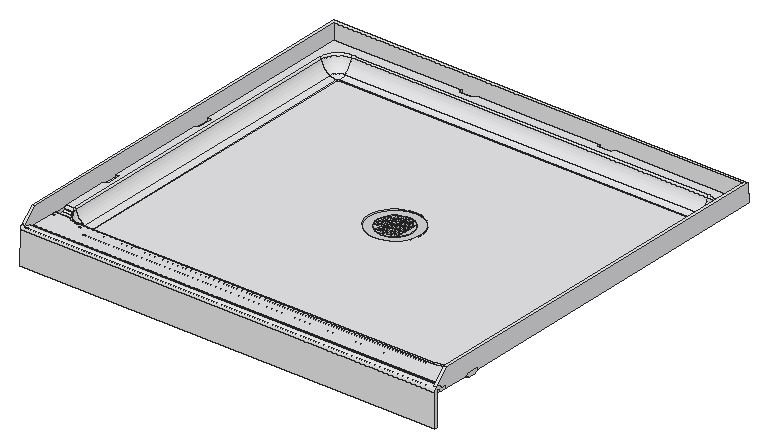
Revit family "Shower-Base-STERLING-GUARD-72301100_1", category Plumbing Fixtures, host Face, Revit 2017
Family settings
  Host = Face
  Round Connector Dimension = Use Diameter
  Part Type = Normal
  OmniClass Number = 23.31.17.15
  OmniClass Title = Shower Enclosure Bases
  Cut with Voids When Loaded = No
  Shared = No
  Room Calculation Point = No
Parameters (values of type "0-White")
  Width = 34"  # constant formula
  WaterSense Certified = 1 = 0  # no
  Waste Water Outlet = "Waste Water Outlet"  # constant formula
  Waste Connection = 1 = 1  # yes
  Vent Connection = 1 = 0  # no
  URL = "https://www.sterlingplumbing.com/"
  Type = 1
  Product Page URL = "http://www.sterlingplumbing.com/detail?productNumber=72301100"
  Product Name = "GUARD "  # constant formula
  Product Documentation Link = "https://resources.kohler.com/plumbing/sterling/pdf/72301100_spec.pdf"
  Pressure = 0.00 psi
  Model = if(Type = 1, "72301100-0", if(Type = 2, "72301100-96", "NA"))  # "72301100-0"
  Material = "Vikrell"  # constant formula
  Master Format 2014 Name = "Residential Showers"  # constant formula
  Master Format 2014 = "22 41 23"  # constant formula
  Manufacturer Address = "444 Highland Dr, Kohler, WI 53044"  # constant formula
  Manufacturer = "STERLING Co."  # constant formula
  Length = 36"  # constant formula
  Hot Water Inlet = "Hot Water Inlet"  # constant formula
  Height = 4 3/16"  # constant formula
  HW Connection = 1 = 0  # no
  Flow Rate = 0 GPM
  Finish = Sterling-Vikrell-0-White
  Environmental Product Declaration = ""
  Drain Included = 1 = 0  # no
  Description = "36inch x 34 inch Shower Base"  # constant formula
  Default Elevation = 0"
  Declare Label = ""
  Date Modified = "07/27/2020"  # constant formula
  Date Created = "07/27/2020"  # constant formula
  Copyright = "Copyright STERLING Co."  # constant formula
  Contact Us = "https://www.sterlingplumbing.com/contact-us"
  Cold Water Inlet = "Cold Water Inlet"  # constant formula
  CW Connection = 1 = 0  # no
  Assembly Code = "D2010700"
  ADA Compliant = 1 = 0  # no
Reference planes (in)
  plane 1 "Center (Front/Back)": y = 0
  plane 2: z = 0
  plane 3 "Center (Left/Right)": x = 0
  plane 4: z = 2.75
  plane 5: z = 4.1875
  plane 6: y = 1.125
  plane 7: y = 17
  plane 8: y = -17
  plane 9: x = 18
  plane 10: x = -18
  plane 11: z = 0.73608
Dimensions and locks (in)
  plane 4 to level = 2 3/4"
  "Height": plane 5 to level
  equal spacing: plane 8, plane 1 "Center (Front/Back)", plane 7
  "Width": plane 8 to plane 7
  equal spacing: plane 10, plane 3 "Center (Left/Right)", plane 9
  "Length": plane 10 to plane 9
  plane 3 "Center (Left/Right)" to plane 9 = 18"
  plane 6 to plane 7 = 15 7/8"
  aligned and locked: plane 2 to host face
  aligned and locked: level to host face
Automatic sketch dimensions
  host sketch curve to host sketch curve = 96"  (x2)
Nested families (in)
  nested 1: "72301100" at (0, 0, 2.87982) x (0, 1, 0) z (0, 0, 1), type "72301100"
Connectors (in)
  piping at (0, 1.125, 0.73614), diameter 2.5, driven by "Waste Connection", driven by "Waste Water Outlet"
    settings: on nested 1, index 1, connector inside diameter 24", connector length 0", flow factor 0, pipe flow 0 GPM, pressure drop 0.00 psi, fitting loss kfactor 0, connector angle 0.00°, fixture units 0, engagement length 0", angle of deflection 0.00°, flow configuration 0, flow direction 2, fitting loss method 0, system type 16, joint type 0, gender type 0, connector reference index -1, connector utility 1, adjustable connector no, is connector primary yes, connector description "Waste Water Outlet"
Definition of nested family "72301100"
  Parameters (values of type "72301100")
    Finish = none
  Reference planes (in)
    plane 1 "Center (Front/Back)": y = 0
    plane 2: z = 0
    plane 3 "Center (Left/Right)": x = 0
    plane 4: y = 18
    plane 5: y = -18
    plane 6: x = 17
    plane 7: x = -17
    plane 8: z = -2.87982
    plane 9: y = 16.875
    plane 10: y = 28.86477
    plane 11: y = -16.875
    plane 12: x = 1.125
    plane 13: x = -7.69067
    plane 14: x = 2.30933
    plane 15: y = -5.961
    plane 16: y = 5.961
    plane 17: z = 1.30768
    plane 18: z = -0.12982
    plane 19: x = -16.90919
  Forms (in)
    Sweep 1, solid, material <- "Finish", detail levels medium+fine
      path origin (0.75, 0, -1.83027) x (0, 1, 0) y (-1, 0, 0)
        loop
          line (-16.875, 13.08845) -> (-16.875, -13.53905)
          arc (-16.875, -13.53905) -> (-16.459, -14.54336) -> (-15.45469, -14.95936) r 1.42031
          line (-15.45469, -14.95936) -> (15.45469, -14.95936)
          arc (15.45469, -14.95936) -> (16.459, -14.54336) -> (16.875, -13.53905) r 1.42031
          line (16.875, -13.53905) -> (16.875, 13.08845)
          arc (16.875, 13.08845) -> (16.459, 14.09276) -> (15.45469, 14.50876) r 1.42031
          line (15.45469, 14.50876) -> (-15.45469, 14.50876)
          arc (-15.45469, 14.50876) -> (-16.459, 14.09276) -> (-16.875, 13.08845) r 1.42031
      profile origin (0.9753, -16.875, -1.83027) x (0, 1, 0) y (0, 0, 1)
        loop
          arc (-0.02942, 1.65515) -> (-0.08053, 1.74208) -> (-0.17538, 1.77633) r 0.1485
          line (-0.17538, 1.77633) -> (-0.3186, 1.77633) -> (-0.3186, 1.55616) -> (-0.19961, 1.55616)
          arc (-0.19961, 1.55616) -> (-0.16055, 1.54264) -> (-0.1382, 1.50787) r 0.0632
          arc (-0.1382, 1.50787) -> (0.14304, 0.90217) -> (0.63487, 0.45041) r 1.70969
          arc (0.63487, 0.45041) -> (0.92639, 0.30565) -> (1.23829, 0.21259) r 1.90617
          arc (1.23829, 0.21259) -> (1.26993, 0.2077) -> (1.3019, 0.20607) r 0.31328
          line (1.3019, 0.20607) -> (1.39824, 0.20607) -> (1.39824, 0.47622) -> (1.302, 0.47622)
          arc (1.302, 0.47622) -> (1.25372, 0.47797) -> (1.20569, 0.48322) r 0.66681
          arc (1.20569, 0.48322) -> (0.93162, 0.5498) -> (0.67469, 0.66612) r 1.51211
          arc (0.67469, 0.66612) -> (0.21371, 1.08309) -> (-0.02942, 1.65515) r 1.44483
    Extrusion 2, solid, material <- "Finish", detail levels medium+fine
      sketch origin (0.75, 0, -1.83027) x (0, 1, 0) y (-1, 0, 0)
        loop
          line (18, 16.67235) -> (-18, 16.67235) -> (-18, -16.25) -> (18, -16.25) -> (18, 16.67235)
        loop
          line (15.45469, 14.82736) -> (-15.45469, 14.82736)
          arc (-15.45469, 14.82736) -> (-16.68428, 14.31804) -> (-17.1936, 13.08845) r 1.73891
          line (-17.1936, 13.08845) -> (-17.1936, -13.53905)
          arc (-17.1936, -13.53905) -> (-16.68428, -14.76865) -> (-15.45469, -15.27796) r 1.73891
          line (-15.45469, -15.27796) -> (15.45469, -15.27796)
          arc (15.45469, -15.27796) -> (16.68428, -14.76865) -> (17.1936, -13.53905) r 1.73891
          line (17.1936, -13.53905) -> (17.1936, 13.08845)
          arc (17.1936, 13.08845) -> (16.68428, 14.31804) -> (15.45469, 14.82736) r 1.73891
      from 1.55616 to 1.77633
    Sweep 3, solid, material <- "Finish", detail levels medium+fine
      path origin (0, 0, 0) x (1, 0, 0) y (0, 1, 0)
        loop
          line (-16.90919, 18) -> (17, 18) -> (17, -18) -> (-16.90919, -18)
      profile origin (0.04541, 18, 0) x (0, 1, 0) y (0, 0, 1)
        loop
          line (0, -0.19232) -> (0, 1.30768) -> (-0.25, 1.30768) -> (-0.25, -0.19232) -> (0, -0.19232)
    Extrusion 4, void
      sketch origin (17, -18, 1.30768) x (1, 0, 0) y (0, 0, -1)
        loop
          line (-34.00272, 1.30768) -> (-34.00272, 0) -> (-32.69504, 0) -> (-34.00272, 1.30768)
      from 0 to 64.58196
    Extrusion 5, void
      sketch origin (0, 0, -1.83027) x (0, 1, 0) y (-1, 0, 0)
        loop
          circle (0, -1.125) r 2.25
      from -2.95681 to 2.7011
    Extrusion 6, solid, detail levels medium+fine
      sketch origin (0, 0, 0) x (1, 0, 0) y (0, 1, 0)
        loop
          circle (1.125, 0) r 2.25
        loop
          circle (1.125, 0) r 1.5
      from -1.56627 to -1.41147
    Extrusion 7, solid, detail levels medium+fine
      sketch origin (0.25, 0.0625, 0) x (1, 0, 0) y (0, 1, 0)
        loop
          circle (0.875, -0.0625) r 1.5
      from -2.14368 to -1.41147
    Extrusion 8, void
      sketch origin (0.49945, 0.59018, -1.83027) x (0, 1, 0) y (-1, 0, 0)
        loop
          line (0.66857, -0.2545) -> (0.66857, 0.0455)
          arc (0.66857, 0.0455) -> (0.65393, 0.08086) -> (0.61857, 0.0955) r 0.05
          line (0.61857, 0.0955) -> (0.31232, 0.0955)
          arc (0.31232, 0.0955) -> (0.27697, 0.08086) -> (0.26232, 0.0455) r 0.05
          line (0.26232, 0.0455) -> (0.26232, -0.2545)
          arc (0.26232, -0.2545) -> (0.27697, -0.28986) -> (0.31232, -0.3045) r 0.05
          line (0.31232, -0.3045) -> (0.61857, -0.3045)
          arc (0.61857, -0.3045) -> (0.65393, -0.28986) -> (0.66857, -0.2545) r 0.05
      from -0.77622 to 0.8761
    Extrusion 9, void
      sketch origin (1.02247, 0.59018, -1.83027) x (0, 1, 0) y (-1, 0, 0)
        loop
          line (0.66857, -0.2545) -> (0.66857, 0.0455)
          arc (0.66857, 0.0455) -> (0.65393, 0.08086) -> (0.61857, 0.0955) r 0.05
          line (0.61857, 0.0955) -> (0.31232, 0.0955)
          arc (0.31232, 0.0955) -> (0.27697, 0.08086) -> (0.26232, 0.0455) r 0.05
          line (0.26232, 0.0455) -> (0.26232, -0.2545)
          arc (0.26232, -0.2545) -> (0.27697, -0.28986) -> (0.31232, -0.3045) r 0.05
          line (0.31232, -0.3045) -> (0.61857, -0.3045)
          arc (0.61857, -0.3045) -> (0.65393, -0.28986) -> (0.66857, -0.2545) r 0.05
      from -0.77622 to 0.8761
    Extrusion 10, void
      sketch origin (1.55112, 0.59498, -1.83027) x (0, 1, 0) y (-1, 0, 0)
        loop
          line (0.66857, -0.2545) -> (0.66857, 0.0455)
          arc (0.66857, 0.0455) -> (0.65393, 0.08086) -> (0.61857, 0.0955) r 0.05
          line (0.61857, 0.0955) -> (0.31232, 0.0955)
          arc (0.31232, 0.0955) -> (0.27697, 0.08086) -> (0.26232, 0.0455) r 0.05
          line (0.26232, 0.0455) -> (0.26232, -0.2545)
          arc (0.26232, -0.2545) -> (0.27697, -0.28986) -> (0.31232, -0.3045) r 0.05
          line (0.31232, -0.3045) -> (0.61857, -0.3045)
          arc (0.61857, -0.3045) -> (0.65393, -0.28986) -> (0.66857, -0.2545) r 0.05
      from -0.77622 to 0.8761
    Extrusion 11, void
      sketch origin (-0.00055, 0.08882, -1.83027) x (0, 1, 0) y (-1, 0, 0)
        loop
          line (0.66857, -0.2545) -> (0.66857, 0.0455)
          arc (0.66857, 0.0455) -> (0.65393, 0.08086) -> (0.61857, 0.0955) r 0.05
          line (0.61857, 0.0955) -> (0.31232, 0.0955)
          arc (0.31232, 0.0955) -> (0.27697, 0.08086) -> (0.26232, 0.0455) r 0.05
          line (0.26232, 0.0455) -> (0.26232, -0.2545)
          arc (0.26232, -0.2545) -> (0.27697, -0.28986) -> (0.31232, -0.3045) r 0.05
          line (0.31232, -0.3045) -> (0.61857, -0.3045)
          arc (0.61857, -0.3045) -> (0.65393, -0.28986) -> (0.66857, -0.2545) r 0.05
      from -0.77622 to 0.8761
    Extrusion 12, void
      sketch origin (0.49945, 0.09361, -1.83027) x (0, 1, 0) y (-1, 0, 0)
        loop
          line (0.66857, -0.2545) -> (0.66857, 0.0455)
          arc (0.66857, 0.0455) -> (0.65393, 0.08086) -> (0.61857, 0.0955) r 0.05
          line (0.61857, 0.0955) -> (0.31232, 0.0955)
          arc (0.31232, 0.0955) -> (0.27697, 0.08086) -> (0.26232, 0.0455) r 0.05
          line (0.26232, 0.0455) -> (0.26232, -0.2545)
          arc (0.26232, -0.2545) -> (0.27697, -0.28986) -> (0.31232, -0.3045) r 0.05
          line (0.31232, -0.3045) -> (0.61857, -0.3045)
          arc (0.61857, -0.3045) -> (0.65393, -0.28986) -> (0.66857, -0.2545) r 0.05
      from -0.77622 to 0.8761
    Extrusion 13, void
      sketch origin (1.02247, 0.09361, -1.83027) x (0, 1, 0) y (-1, 0, 0)
        loop
          line (0.66857, -0.2545) -> (0.66857, 0.0455)
          arc (0.66857, 0.0455) -> (0.65393, 0.08086) -> (0.61857, 0.0955) r 0.05
          line (0.61857, 0.0955) -> (0.31232, 0.0955)
          arc (0.31232, 0.0955) -> (0.27697, 0.08086) -> (0.26232, 0.0455) r 0.05
          line (0.26232, 0.0455) -> (0.26232, -0.2545)
          arc (0.26232, -0.2545) -> (0.27697, -0.28986) -> (0.31232, -0.3045) r 0.05
          line (0.31232, -0.3045) -> (0.61857, -0.3045)
          arc (0.61857, -0.3045) -> (0.65393, -0.28986) -> (0.66857, -0.2545) r 0.05
      from -0.77622 to 0.8761
    Extrusion 14, void
      sketch origin (1.55112, 0.09841, -1.83027) x (0, 1, 0) y (-1, 0, 0)
        loop
          line (0.66857, -0.2545) -> (0.66857, 0.0455)
          arc (0.66857, 0.0455) -> (0.65393, 0.08086) -> (0.61857, 0.0955) r 0.05
          line (0.61857, 0.0955) -> (0.31232, 0.0955)
          arc (0.31232, 0.0955) -> (0.27697, 0.08086) -> (0.26232, 0.0455) r 0.05
          line (0.26232, 0.0455) -> (0.26232, -0.2545)
          arc (0.26232, -0.2545) -> (0.27697, -0.28986) -> (0.31232, -0.3045) r 0.05
          line (0.31232, -0.3045) -> (0.61857, -0.3045)
          arc (0.61857, -0.3045) -> (0.65393, -0.28986) -> (0.66857, -0.2545) r 0.05
      from -0.77622 to 0.8761
    Extrusion 15, void
      sketch origin (2.06221, 0.08882, -1.83027) x (0, 1, 0) y (-1, 0, 0)
        loop
          line (0.66857, -0.2545) -> (0.66857, 0.0455)
          arc (0.66857, 0.0455) -> (0.65393, 0.08086) -> (0.61857, 0.0955) r 0.05
          line (0.61857, 0.0955) -> (0.31232, 0.0955)
          arc (0.31232, 0.0955) -> (0.27697, 0.08086) -> (0.26232, 0.0455) r 0.05
          line (0.26232, 0.0455) -> (0.26232, -0.2545)
          arc (0.26232, -0.2545) -> (0.27697, -0.28986) -> (0.31232, -0.3045) r 0.05
          line (0.31232, -0.3045) -> (0.61857, -0.3045)
          arc (0.61857, -0.3045) -> (0.65393, -0.28986) -> (0.66857, -0.2545) r 0.05
      from -0.77622 to 0.8761
    Extrusion 16, void
      sketch origin (-0.22122, -0.40762, -1.83027) x (0, 1, 0) y (-1, 0, 0)
        loop
          line (0.66857, -0.2545) -> (0.66857, 0.0455)
          arc (0.66857, 0.0455) -> (0.65393, 0.08086) -> (0.61857, 0.0955) r 0.05
          line (0.61857, 0.0955) -> (0.31232, 0.0955)
          arc (0.31232, 0.0955) -> (0.27697, 0.08086) -> (0.26232, 0.0455) r 0.05
          line (0.26232, 0.0455) -> (0.26232, -0.2545)
          arc (0.26232, -0.2545) -> (0.27697, -0.28986) -> (0.31232, -0.3045) r 0.05
          line (0.31232, -0.3045) -> (0.61857, -0.3045)
          arc (0.61857, -0.3045) -> (0.65393, -0.28986) -> (0.66857, -0.2545) r 0.05
      from -0.77622 to 0.8761
    Extrusion 17, void
      sketch origin (0.27878, -0.40282, -1.83027) x (0, 1, 0) y (-1, 0, 0)
        loop
          line (0.66857, -0.2545) -> (0.66857, 0.0455)
          arc (0.66857, 0.0455) -> (0.65393, 0.08086) -> (0.61857, 0.0955) r 0.05
          line (0.61857, 0.0955) -> (0.31232, 0.0955)
          arc (0.31232, 0.0955) -> (0.27697, 0.08086) -> (0.26232, 0.0455) r 0.05
          line (0.26232, 0.0455) -> (0.26232, -0.2545)
          arc (0.26232, -0.2545) -> (0.27697, -0.28986) -> (0.31232, -0.3045) r 0.05
          line (0.31232, -0.3045) -> (0.61857, -0.3045)
          arc (0.61857, -0.3045) -> (0.65393, -0.28986) -> (0.66857, -0.2545) r 0.05
      from -0.77622 to 0.8761
    Extrusion 18, void
      sketch origin (0.77893, -0.40491, -1.83027) x (0, 1, 0) y (-1, 0, 0)
        loop
          line (0.66857, -0.2545) -> (0.66857, 0.0455)
          arc (0.66857, 0.0455) -> (0.65393, 0.08086) -> (0.61857, 0.0955) r 0.05
          line (0.61857, 0.0955) -> (0.31232, 0.0955)
          arc (0.31232, 0.0955) -> (0.27697, 0.08086) -> (0.26232, 0.0455) r 0.05
          line (0.26232, 0.0455) -> (0.26232, -0.2545)
          arc (0.26232, -0.2545) -> (0.27697, -0.28986) -> (0.31232, -0.3045) r 0.05
          line (0.31232, -0.3045) -> (0.61857, -0.3045)
          arc (0.61857, -0.3045) -> (0.65393, -0.28986) -> (0.66857, -0.2545) r 0.05
      from -0.77622 to 0.8761
    Extrusion 19, void
      sketch origin (1.30196, -0.40491, -1.83027) x (0, 1, 0) y (-1, 0, 0)
        loop
          line (0.66857, -0.2545) -> (0.66857, 0.0455)
          arc (0.66857, 0.0455) -> (0.65393, 0.08086) -> (0.61857, 0.0955) r 0.05
          line (0.61857, 0.0955) -> (0.31232, 0.0955)
          arc (0.31232, 0.0955) -> (0.27697, 0.08086) -> (0.26232, 0.0455) r 0.05
          line (0.26232, 0.0455) -> (0.26232, -0.2545)
          arc (0.26232, -0.2545) -> (0.27697, -0.28986) -> (0.31232, -0.3045) r 0.05
          line (0.31232, -0.3045) -> (0.61857, -0.3045)
          arc (0.61857, -0.3045) -> (0.65393, -0.28986) -> (0.66857, -0.2545) r 0.05
      from -0.77622 to 0.8761
    Extrusion 20, void
      sketch origin (1.78373, -0.40011, -1.83027) x (0, 1, 0) y (-1, 0, 0)
        loop
          line (0.66857, -0.2545) -> (0.66857, 0.0455)
          arc (0.66857, 0.0455) -> (0.65393, 0.08086) -> (0.61857, 0.0955) r 0.05
          line (0.61857, 0.0955) -> (0.31232, 0.0955)
          arc (0.31232, 0.0955) -> (0.27697, 0.08086) -> (0.26232, 0.0455) r 0.05
          line (0.26232, 0.0455) -> (0.26232, -0.2545)
          arc (0.26232, -0.2545) -> (0.27697, -0.28986) -> (0.31232, -0.3045) r 0.05
          line (0.31232, -0.3045) -> (0.61857, -0.3045)
          arc (0.61857, -0.3045) -> (0.65393, -0.28986) -> (0.66857, -0.2545) r 0.05
      from -0.77622 to 0.8761
    Extrusion 21, void
      sketch origin (2.28329, -0.39825, -1.83027) x (0, 1, 0) y (-1, 0, 0)
        loop
          line (0.66857, -0.2545) -> (0.66857, 0.0455)
          arc (0.66857, 0.0455) -> (0.65393, 0.08086) -> (0.61857, 0.0955) r 0.05
          line (0.61857, 0.0955) -> (0.31232, 0.0955)
          arc (0.31232, 0.0955) -> (0.27697, 0.08086) -> (0.26232, 0.0455) r 0.05
          line (0.26232, 0.0455) -> (0.26232, -0.2545)
          arc (0.26232, -0.2545) -> (0.27697, -0.28986) -> (0.31232, -0.3045) r 0.05
          line (0.31232, -0.3045) -> (0.61857, -0.3045)
          arc (0.61857, -0.3045) -> (0.65393, -0.28986) -> (0.66857, -0.2545) r 0.05
      from -0.77622 to 0.8761
    Extrusion 22, void
      sketch origin (-0.00055, -0.92324, -1.83027) x (0, 1, 0) y (-1, 0, 0)
        loop
          line (0.66857, -0.2545) -> (0.66857, 0.0455)
          arc (0.66857, 0.0455) -> (0.65393, 0.08086) -> (0.61857, 0.0955) r 0.05
          line (0.61857, 0.0955) -> (0.31232, 0.0955)
          arc (0.31232, 0.0955) -> (0.27697, 0.08086) -> (0.26232, 0.0455) r 0.05
          line (0.26232, 0.0455) -> (0.26232, -0.2545)
          arc (0.26232, -0.2545) -> (0.27697, -0.28986) -> (0.31232, -0.3045) r 0.05
          line (0.31232, -0.3045) -> (0.61857, -0.3045)
          arc (0.61857, -0.3045) -> (0.65393, -0.28986) -> (0.66857, -0.2545) r 0.05
      from -0.77622 to 0.8761
    Extrusion 23, void
      sketch origin (0.49945, -0.91844, -1.83027) x (0, 1, 0) y (-1, 0, 0)
        loop
          line (0.66857, -0.2545) -> (0.66857, 0.0455)
          arc (0.66857, 0.0455) -> (0.65393, 0.08086) -> (0.61857, 0.0955) r 0.05
          line (0.61857, 0.0955) -> (0.31232, 0.0955)
          arc (0.31232, 0.0955) -> (0.27697, 0.08086) -> (0.26232, 0.0455) r 0.05
          line (0.26232, 0.0455) -> (0.26232, -0.2545)
          arc (0.26232, -0.2545) -> (0.27697, -0.28986) -> (0.31232, -0.3045) r 0.05
          line (0.31232, -0.3045) -> (0.61857, -0.3045)
          arc (0.61857, -0.3045) -> (0.65393, -0.28986) -> (0.66857, -0.2545) r 0.05
      from -0.77622 to 0.8761
    Extrusion 24, void
      sketch origin (1.02247, -0.91844, -1.83027) x (0, 1, 0) y (-1, 0, 0)
        loop
          line (0.66857, -0.2545) -> (0.66857, 0.0455)
          arc (0.66857, 0.0455) -> (0.65393, 0.08086) -> (0.61857, 0.0955) r 0.05
          line (0.61857, 0.0955) -> (0.31232, 0.0955)
          arc (0.31232, 0.0955) -> (0.27697, 0.08086) -> (0.26232, 0.0455) r 0.05
          line (0.26232, 0.0455) -> (0.26232, -0.2545)
          arc (0.26232, -0.2545) -> (0.27697, -0.28986) -> (0.31232, -0.3045) r 0.05
          line (0.31232, -0.3045) -> (0.61857, -0.3045)
          arc (0.61857, -0.3045) -> (0.65393, -0.28986) -> (0.66857, -0.2545) r 0.05
      from -0.77622 to 0.8761
    Extrusion 25, void
      sketch origin (1.55112, -0.91364, -1.83027) x (0, 1, 0) y (-1, 0, 0)
        loop
          line (0.66857, -0.2545) -> (0.66857, 0.0455)
          arc (0.66857, 0.0455) -> (0.65393, 0.08086) -> (0.61857, 0.0955) r 0.05
          line (0.61857, 0.0955) -> (0.31232, 0.0955)
          arc (0.31232, 0.0955) -> (0.27697, 0.08086) -> (0.26232, 0.0455) r 0.05
          line (0.26232, 0.0455) -> (0.26232, -0.2545)
          arc (0.26232, -0.2545) -> (0.27697, -0.28986) -> (0.31232, -0.3045) r 0.05
          line (0.31232, -0.3045) -> (0.61857, -0.3045)
          arc (0.61857, -0.3045) -> (0.65393, -0.28986) -> (0.66857, -0.2545) r 0.05
      from -0.77622 to 0.8761
    Extrusion 26, void
      sketch origin (2.06221, -0.92324, -1.83027) x (0, 1, 0) y (-1, 0, 0)
        loop
          line (0.66857, -0.2545) -> (0.66857, 0.0455)
          arc (0.66857, 0.0455) -> (0.65393, 0.08086) -> (0.61857, 0.0955) r 0.05
          line (0.61857, 0.0955) -> (0.31232, 0.0955)
          arc (0.31232, 0.0955) -> (0.27697, 0.08086) -> (0.26232, 0.0455) r 0.05
          line (0.26232, 0.0455) -> (0.26232, -0.2545)
          arc (0.26232, -0.2545) -> (0.27697, -0.28986) -> (0.31232, -0.3045) r 0.05
          line (0.31232, -0.3045) -> (0.61857, -0.3045)
          arc (0.61857, -0.3045) -> (0.65393, -0.28986) -> (0.66857, -0.2545) r 0.05
      from -0.77622 to 0.8761
    Extrusion 27, void
      sketch origin (0.26598, -1.38793, -1.83027) x (0, 1, 0) y (-1, 0, 0)
        loop
          line (0.66857, -0.2545) -> (0.66857, 0.0455)
          arc (0.66857, 0.0455) -> (0.65393, 0.08086) -> (0.61857, 0.0955) r 0.05
          line (0.61857, 0.0955) -> (0.31232, 0.0955)
          arc (0.31232, 0.0955) -> (0.27697, 0.08086) -> (0.26232, 0.0455) r 0.05
          line (0.26232, 0.0455) -> (0.26232, -0.2545)
          arc (0.26232, -0.2545) -> (0.27697, -0.28986) -> (0.31232, -0.3045) r 0.05
          line (0.31232, -0.3045) -> (0.61857, -0.3045)
          arc (0.61857, -0.3045) -> (0.65393, -0.28986) -> (0.66857, -0.2545) r 0.05
      from -0.77622 to 0.8761
    Extrusion 28, void
      sketch origin (0.81449, -1.38793, -1.83027) x (0, 1, 0) y (-1, 0, 0)
        loop
          line (0.66857, -0.2545) -> (0.66857, 0.0455)
          arc (0.66857, 0.0455) -> (0.65393, 0.08086) -> (0.61857, 0.0955) r 0.05
          line (0.61857, 0.0955) -> (0.31232, 0.0955)
          arc (0.31232, 0.0955) -> (0.27697, 0.08086) -> (0.26232, 0.0455) r 0.05
          line (0.26232, 0.0455) -> (0.26232, -0.2545)
          arc (0.26232, -0.2545) -> (0.27697, -0.28986) -> (0.31232, -0.3045) r 0.05
          line (0.31232, -0.3045) -> (0.61857, -0.3045)
          arc (0.61857, -0.3045) -> (0.65393, -0.28986) -> (0.66857, -0.2545) r 0.05
      from -0.77622 to 0.8761
    Extrusion 29, void
      sketch origin (1.80342, -1.38804, -1.83027) x (0, 1, 0) y (-1, 0, 0)
        loop
          line (0.66857, -0.2545) -> (0.66857, 0.0455)
          arc (0.66857, 0.0455) -> (0.65393, 0.08086) -> (0.61857, 0.0955) r 0.05
          line (0.61857, 0.0955) -> (0.31232, 0.0955)
          arc (0.31232, 0.0955) -> (0.27697, 0.08086) -> (0.26232, 0.0455) r 0.05
          line (0.26232, 0.0455) -> (0.26232, -0.2545)
          arc (0.26232, -0.2545) -> (0.27697, -0.28986) -> (0.31232, -0.3045) r 0.05
          line (0.31232, -0.3045) -> (0.61857, -0.3045)
          arc (0.61857, -0.3045) -> (0.65393, -0.28986) -> (0.66857, -0.2545) r 0.05
      from -0.77622 to 0.8761
    Extrusion 30, void
      sketch origin (1.31535, -1.39986, -1.83027) x (0, 1, 0) y (-1, 0, 0)
        loop
          line (0.66857, -0.2545) -> (0.66857, 0.0455)
          arc (0.66857, 0.0455) -> (0.65393, 0.08086) -> (0.61857, 0.0955) r 0.05
          line (0.61857, 0.0955) -> (0.31232, 0.0955)
          arc (0.31232, 0.0955) -> (0.27697, 0.08086) -> (0.26232, 0.0455) r 0.05
          line (0.26232, 0.0455) -> (0.26232, -0.2545)
          arc (0.26232, -0.2545) -> (0.27697, -0.28986) -> (0.31232, -0.3045) r 0.05
          line (0.31232, -0.3045) -> (0.61857, -0.3045)
          arc (0.61857, -0.3045) -> (0.65393, -0.28986) -> (0.66857, -0.2545) r 0.05
      from -0.77622 to 0.8761
    Extrusion 31, solid, material <- "Finish", detail levels medium+fine
      sketch origin (0, -15, 0) x (1, 0, 0) y (0, 0, 1)
        loop
          arc (-12.45221, -1.6242) -> (-10.62204, -2.53924) -> (-8.60441, -2.87982) r 6.92868
          line (-8.60441, -2.87982) -> (10.43283, -2.87982)
          arc (10.43283, -2.87982) -> (12.45046, -2.53924) -> (14.28063, -1.6242) r 6.92868
          line (14.28063, -1.6242) -> (0.56681, -1.6242) -> (-12.45221, -1.6242)
      from -26.91057 to -26.65131
    Extrusion 32, solid, material <- "Finish", detail levels medium+fine
      sketch origin (0, -18, 0) x (1, 0, 0) y (0, 0, 1)
        loop
          arc (-12.45221, -1.6242) -> (-10.62204, -2.53924) -> (-8.60441, -2.87982) r 6.92868
          line (-8.60441, -2.87982) -> (10.43283, -2.87982)
          arc (10.43283, -2.87982) -> (12.45046, -2.53924) -> (14.28063, -1.6242) r 6.92868
          line (14.28063, -1.6242) -> (0.56681, -1.6242) -> (-12.45221, -1.6242)
      from -26.91057 to -26.65131
    Extrusion 33, solid, material <- "Finish", detail levels medium+fine
      sketch origin (0, -21, 0) x (1, 0, 0) y (0, 0, 1)
        loop
          arc (-12.45221, -1.6242) -> (-10.62204, -2.53924) -> (-8.60441, -2.87982) r 6.92868
          line (-8.60441, -2.87982) -> (10.43283, -2.87982)
          arc (10.43283, -2.87982) -> (12.45046, -2.53924) -> (14.28063, -1.6242) r 6.92868
          line (14.28063, -1.6242) -> (0.56681, -1.6242) -> (-12.45221, -1.6242)
      from -26.91057 to -26.65131
    Extrusion 34, solid, material <- "Finish", detail levels medium+fine
      sketch origin (0, -24, 0) x (1, 0, 0) y (0, 0, 1)
        loop
          arc (-12.45221, -1.6242) -> (-10.62204, -2.53924) -> (-8.60441, -2.87982) r 6.92868
          line (-8.60441, -2.87982) -> (10.43283, -2.87982)
          arc (10.43283, -2.87982) -> (12.45046, -2.53924) -> (14.28063, -1.6242) r 6.92868
          line (14.28063, -1.6242) -> (0.56681, -1.6242) -> (-12.45221, -1.6242)
      from -26.91057 to -26.65131
    Extrusion 35, solid, material <- "Finish", detail levels medium+fine
      sketch origin (0, -30, 0) x (1, 0, 0) y (0, 0, 1)
        loop
          arc (-12.45221, -1.6242) -> (-10.62204, -2.53924) -> (-8.60441, -2.87982) r 6.92868
          line (-8.60441, -2.87982) -> (10.43283, -2.87982)
          arc (10.43283, -2.87982) -> (12.45046, -2.53924) -> (14.28063, -1.6242) r 6.92868
          line (14.28063, -1.6242) -> (0.56681, -1.6242) -> (-12.45221, -1.6242)
      from -26.91057 to -26.65131
    Extrusion 36, solid, material <- "Finish", detail levels medium+fine
      sketch origin (0, -33, 0) x (1, 0, 0) y (0, 0, 1)
        loop
          arc (-12.45221, -1.6242) -> (-10.62204, -2.53924) -> (-8.60441, -2.87982) r 6.92868
          line (-8.60441, -2.87982) -> (10.43283, -2.87982)
          arc (10.43283, -2.87982) -> (12.45046, -2.53924) -> (14.28063, -1.6242) r 6.92868
          line (14.28063, -1.6242) -> (0.56681, -1.6242) -> (-12.45221, -1.6242)
      from -26.91057 to -26.65131
    Extrusion 37, solid, material <- "Finish", detail levels medium+fine
      sketch origin (0, -36, 0) x (1, 0, 0) y (0, 0, 1)
        loop
          arc (-12.45221, -1.6242) -> (-10.62204, -2.53924) -> (-8.60441, -2.87982) r 6.92868
          line (-8.60441, -2.87982) -> (10.43283, -2.87982)
          arc (10.43283, -2.87982) -> (12.45046, -2.53924) -> (14.28063, -1.6242) r 6.92868
          line (14.28063, -1.6242) -> (0.56681, -1.6242) -> (-12.45221, -1.6242)
      from -26.91057 to -26.65131
    Extrusion 38, solid, material <- "Finish", detail levels medium+fine
      sketch origin (0, -39, 0) x (1, 0, 0) y (0, 0, 1)
        loop
          arc (-12.45221, -1.6242) -> (-10.62204, -2.53924) -> (-8.60441, -2.87982) r 6.92868
          line (-8.60441, -2.87982) -> (10.43283, -2.87982)
          arc (10.43283, -2.87982) -> (12.45046, -2.53924) -> (14.28063, -1.6242) r 6.92868
          line (14.28063, -1.6242) -> (0.56681, -1.6242) -> (-12.45221, -1.6242)
      from -26.91057 to -26.65131
    Extrusion 39, solid, material <- "Finish", detail levels medium+fine
      sketch origin (19.65131, 2.13872, 0) x (0, 1, 0) y (0, 0, 1)
        loop
          arc (-17.48742, -1.6242) -> (-15.65724, -2.53924) -> (-13.63961, -2.87982) r 6.92868
          line (-13.63961, -2.87982) -> (9.49024, -2.87982)
          arc (9.49024, -2.87982) -> (11.50787, -2.53924) -> (13.33804, -1.6242) r 6.92868
          line (13.33804, -1.6242) -> (0.56681, -1.6242) -> (-17.48742, -1.6242)
      from -26.91057 to -26.65131
    Extrusion 40, solid, material <- "Finish", detail levels medium+fine
      sketch origin (23.65131, 2.13872, 0) x (0, 1, 0) y (0, 0, 1)
        loop
          arc (-17.48742, -1.6242) -> (-15.65724, -2.53924) -> (-13.63961, -2.87982) r 6.92868
          line (-13.63961, -2.87982) -> (9.46817, -2.87982)
          arc (9.46817, -2.87982) -> (11.4858, -2.53924) -> (13.31597, -1.6242) r 6.92868
          line (13.31597, -1.6242) -> (0.56681, -1.6242) -> (-17.48742, -1.6242)
      from -26.91057 to -26.65131
    Extrusion 41, solid, material <- "Finish", detail levels medium+fine
      sketch origin (31.65131, 2.13872, 0) x (0, 1, 0) y (0, 0, 1)
        loop
          arc (-17.48742, -1.6242) -> (-15.65724, -2.53924) -> (-13.63961, -2.87982) r 6.92868
          line (-13.63961, -2.87982) -> (9.49024, -2.87982)
          arc (9.49024, -2.87982) -> (11.50787, -2.53924) -> (13.33804, -1.6242) r 6.92868
          line (13.33804, -1.6242) -> (0.56681, -1.6242) -> (-17.48742, -1.6242)
      from -26.91057 to -26.65131
    Extrusion 42, solid, material <- "Finish", detail levels medium+fine
      sketch origin (35.65131, 2.13872, 0) x (0, 1, 0) y (0, 0, 1)
        loop
          arc (-17.48742, -1.6242) -> (-15.65724, -2.53924) -> (-13.63961, -2.87982) r 6.92868
          line (-13.63961, -2.87982) -> (9.46817, -2.87982)
          arc (9.46817, -2.87982) -> (11.4858, -2.53924) -> (13.31597, -1.6242) r 6.92868
          line (13.31597, -1.6242) -> (0.56681, -1.6242) -> (-17.48742, -1.6242)
      from -26.91057 to -26.65131
    Extrusion 43, solid, material <- "Finish", detail levels medium+fine
      sketch origin (0, 0, 0) x (1, 0, 0) y (0, 1, 0)
        loop
          arc (14.28905, -15.47676) -> (14.30466, -15.4703) -> (14.31112, -15.45469) r 0.02207
          line (14.31112, -15.45469) -> (14.31112, 15.45469)
          arc (14.31112, 15.45469) -> (14.30466, 15.4703) -> (14.28905, 15.47676) r 0.02207
          line (14.28905, 15.47676) -> (-12.3578, 15.47676)
          arc (-12.3578, 15.47676) -> (-12.3734, 15.4703) -> (-12.37987, 15.45469) r 0.02207
          line (-12.37987, 15.45469) -> (-12.37987, -15.45469)
          arc (-12.37987, -15.45469) -> (-12.3734, -15.4703) -> (-12.3578, -15.47676) r 0.02207
          line (-12.3578, -15.47676) -> (14.28905, -15.47676)
      from -1.6242 to -1.35404
    Extrusion 44, solid, material <- "Finish", detail levels medium+fine
      sketch origin (0, 0, 0) x (1, 0, 0) y (0, 0, 1)
        loop
          line (-17, -0.08291) -> (-17, -2.87982) -> (-16.84404, -2.87982) -> (-16.84404, -0.09729)
          arc (-16.84404, -0.09729) -> (-16.71641, 0.06173) -> (-16.53353, -0.02845) r 0.16288
          line (-16.53353, -0.02845) -> (-16.50779, -0.08366)
          arc (-16.50779, -0.08366) -> (-16.38607, -0.22245) -> (-16.20885, -0.2741) r 0.32984
          line (-16.20885, -0.2741) -> (-15.92235, -0.2741) -> (-15.92235, -0.05396) -> (-16.24128, -0.05396)
          arc (-16.24128, -0.05396) -> (-16.30078, -0.03437) -> (-16.337, 0.01675) r 0.10015
          arc (-16.337, 0.01675) -> (-16.7114, 0.25231) -> (-17, -0.08291) r 0.33899
      from -18 to 18
    Extrusion 45, void
      sketch origin (0, 0, 0.03125) x (1, 0, 0) y (0, 0, 1)
        loop
          arc (-12.78236, -0.42732) -> (-12.65595, -0.3871) -> (-12.57603, -0.28123) r 0.21875
          arc (-12.57603, -0.28123) -> (-12.4504, -0.11561) -> (-12.25188, -0.05394) r 0.34038
          line (-12.25188, -0.05394) -> (-11.92235, -0.05394) -> (-11.92235, 0.44606) -> (-14.17235, 0.44606) -> (-14.17235, -0.05394) -> (-13.73425, -0.05394)
          arc (-13.73425, -0.05394) -> (-13.56358, -0.12136) -> (-13.46033, -0.27305) r 0.31203
          arc (-13.46033, -0.27305) -> (-13.38119, -0.38458) -> (-13.2513, -0.42732) r 0.21875
          line (-13.2513, -0.42732) -> (-12.78236, -0.42732)
      from -17.75 to 17.75
    Extrusion 46, solid, material <- "Finish", detail levels medium+fine
      sketch origin (0, 0, 0) x (1, 0, 0) y (0, 0, 1)
        loop
          arc (-13.2513, -0.39607) -> (-13.38119, -0.35333) -> (-13.46033, -0.2418) r 0.21875
          arc (-13.46033, -0.2418) -> (-13.49598, -0.16511) -> (-13.55091, -0.10081) r 0.31203
          line (-13.55091, -0.10081) -> (-13.76874, -0.10081)
          arc (-13.76874, -0.10081) -> (-13.71655, -0.12151) -> (-13.66553, -0.14495) r 1.05232
          arc (-13.66553, -0.14495) -> (-13.59837, -0.19718) -> (-13.55738, -0.27174) r 0.21047
          arc (-13.55738, -0.27174) -> (-13.4415, -0.43504) -> (-13.2513, -0.49763) r 0.32031
          line (-13.2513, -0.49763) -> (-12.78236, -0.49763)
          arc (-12.78236, -0.49763) -> (-12.59727, -0.43874) -> (-12.48023, -0.28372) r 0.32031
          arc (-12.48023, -0.28372) -> (-12.43154, -0.20225) -> (-12.35496, -0.14617) r 0.23882
          arc (-12.35496, -0.14617) -> (-12.30911, -0.12419) -> (-12.26395, -0.10081) r 1.67275
          line (-12.26395, -0.10081) -> (-12.47198, -0.10081)
          arc (-12.47198, -0.10081) -> (-12.53415, -0.16832) -> (-12.57603, -0.24998) r 0.34038
          arc (-12.57603, -0.24998) -> (-12.65595, -0.35585) -> (-12.78236, -0.39607) r 0.21875
          line (-12.78236, -0.39607) -> (-13.2513, -0.39607)
      from -18 to 18
    Extrusion 47, void
      sketch origin (0, 0, 0) x (1, 0, 0) y (0, 1, 0)
        loop
          line (-13.9532, 15.14854) -> (-13.9532, 0) -> (-13.9532, -15.14854)
          arc (-13.9532, -15.14854) -> (-13.39648, -16.49257) -> (-12.05245, -17.04929) r 1.90075
          line (-12.05245, -17.04929) -> (-8.46122, -17.04929) -> (-8.46122, 17.04929) -> (-12.05245, 17.04929)
          arc (-12.05245, 17.04929) -> (-13.39648, 16.49257) -> (-13.9532, 15.14854) r 1.90075
      from -0.49763 to 12
    Extrusion 48, solid, material <- "Finish", detail levels medium+fine
      sketch origin (0, 0, 0) x (1, 0, 0) y (0, 0, 1)
        loop
          line (-13.2513, -0.49763) -> (-12.78236, -0.49763)
          arc (-12.78236, -0.49763) -> (-12.59727, -0.43874) -> (-12.48023, -0.28372) r 0.32031
          arc (-12.48023, -0.28372) -> (-12.45635, -0.23467) -> (-12.42196, -0.19232) r 0.23882
          line (-12.42196, -0.19232) -> (-13.60266, -0.19232)
          arc (-13.60266, -0.19232) -> (-13.57565, -0.22954) -> (-13.55738, -0.27174) r 0.21047
          arc (-13.55738, -0.27174) -> (-13.4415, -0.43504) -> (-13.2513, -0.49763) r 0.32031
      from 17.75 to 18
    Extrusion 49, solid, material <- "Finish", detail levels medium+fine
      sketch origin (0, 0, 0) x (1, 0, 0) y (0, 0, 1)
        loop
          line (-13.2513, -0.49763) -> (-12.78236, -0.49763)
          arc (-12.78236, -0.49763) -> (-12.59727, -0.43874) -> (-12.48023, -0.28372) r 0.32031
          arc (-12.48023, -0.28372) -> (-12.45635, -0.23467) -> (-12.42196, -0.19232) r 0.23882
          line (-12.42196, -0.19232) -> (-13.60266, -0.19232)
          arc (-13.60266, -0.19232) -> (-13.57565, -0.22954) -> (-13.55738, -0.27174) r 0.21047
          arc (-13.55738, -0.27174) -> (-13.4415, -0.43504) -> (-13.2513, -0.49763) r 0.32031
      from -18 to -17.75
    Extrusion 50, void
      sketch origin (0, 0, -1.83027) x (0, 1, 0) y (-1, 0, 0)
        loop
          line (-17.36112, 7.19895) -> (-17.36112, 8.17934)
          arc (-17.36112, 8.17934) -> (-17.40579, 8.28717) -> (-17.51362, 8.33184) r 0.15249
          line (-17.51362, 8.33184) -> (-17.75, 8.33184) -> (-17.75, 7.0495) -> (-17.51057, 7.0495)
          arc (-17.51057, 7.0495) -> (-17.4049, 7.09328) -> (-17.36112, 7.19895) r 0.14945
        loop
          line (-17.36112, -2.80105) -> (-17.36112, -1.82066)
          arc (-17.36112, -1.82066) -> (-17.40579, -1.71283) -> (-17.51362, -1.66816) r 0.15249
          line (-17.51362, -1.66816) -> (-17.75, -1.66816) -> (-17.75, -2.9505) -> (-17.51057, -2.9505)
          arc (-17.51057, -2.9505) -> (-17.4049, -2.90672) -> (-17.36112, -2.80105) r 0.14945
        loop
          line (6.68434, -16.75) -> (6.68434, -16.59849)
          arc (6.68434, -16.59849) -> (6.63979, -16.49095) -> (6.53225, -16.44641) r 0.15208
          line (6.53225, -16.44641) -> (5.5411, -16.44641)
          arc (5.5411, -16.44641) -> (5.43703, -16.48952) -> (5.39392, -16.59359) r 0.14718
          line (5.39392, -16.59359) -> (5.39392, -16.75) -> (6.68434, -16.75)
        loop
          arc (17.36112, 7.19895) -> (17.4049, 7.09328) -> (17.51057, 7.0495) r 0.14945
          line (17.51057, 7.0495) -> (17.75, 7.0495) -> (17.75, 8.33184) -> (17.51362, 8.33184)
          arc (17.51362, 8.33184) -> (17.40579, 8.28717) -> (17.36112, 8.17934) r 0.15249
          line (17.36112, 8.17934) -> (17.36112, 7.19895)
        loop
          arc (17.36112, -2.80105) -> (17.4049, -2.90672) -> (17.51057, -2.9505) r 0.14945
          line (17.51057, -2.9505) -> (17.75, -2.9505) -> (17.75, -1.66816) -> (17.51362, -1.66816)
          arc (17.51362, -1.66816) -> (17.40579, -1.71283) -> (17.36112, -1.82066) r 0.15249
          line (17.36112, -1.82066) -> (17.36112, -2.80105)
        loop
          line (-5.3158, -16.75) -> (-5.3158, -16.59849)
          arc (-5.3158, -16.59849) -> (-5.36034, -16.49095) -> (-5.46788, -16.44641) r 0.15208
          line (-5.46788, -16.44641) -> (-6.45903, -16.44641)
          arc (-6.45903, -16.44641) -> (-6.5631, -16.48952) -> (-6.60621, -16.59359) r 0.14718
          line (-6.60621, -16.59359) -> (-6.60621, -16.75) -> (-5.3158, -16.75)
      from 1.59523 to 12
    Extrusion 51, solid, material <- "Finish", detail levels coarse
      sketch origin (0, 0, -1.83027) x (0, 1, 0) y (-1, 0, 0)
        loop
          line (18, 17) -> (17.75, 17) -> (17.75, -16.75) -> (-17.75, -16.75) -> (-17.75, 17) -> (-18, 17) -> (-18, -17) -> (18, -17) -> (18, 17)
      from -1.04955 to 3.13795
    Extrusion 52, solid, material <- "Finish", detail levels coarse
      sketch origin (0, 0, 0) x (1, 0, 0) y (0, 0, 1)
        loop
          line (-17, -0.19232) -> (-17, -2.87982) -> (-15.92235, -2.87982) -> (-15.92235, -0.19232) -> (-17, -0.19232)
      from -18 to 18
    Extrusion 53, solid, material <- "Finish", detail levels coarse
      sketch origin (0, 0, 0) x (1, 0, 0) y (0, 1, 0)
        loop
          line (-16.84404, -17.75) -> (16.75, -17.75) -> (16.75, 17.75) -> (-16.84404, 17.75) -> (-16.84404, -17.75)
      from -2.87982 to -2.72734
  Cuts and joins
    Extrusion 8, Extrusion 9, Extrusion 10, Extrusion 11, Extrusion 12, Extrusion 13, Extrusion 14, Extrusion 15, Extrusion 16, Extrusion 17, Extrusion 18, Extrusion 19, Extrusion 20, Extrusion 21, Extrusion 22, Extrusion 23, Extrusion 24, Extrusion 25, Extrusion 26, Extrusion 27, Extrusion 28, Extrusion 29, Extrusion 30 cuts Extrusion 7
    Extrusion 45 cuts Sweep 1
    Extrusion 45, Extrusion 50 cuts Extrusion 2
    Extrusion 4 cuts Sweep 3
    Extrusion 5 cuts Extrusion 43
    Extrusion 47 cuts Extrusion 46
    joined: Sweep 1, Extrusion 2, Sweep 3, Extrusion 43, Extrusion 46
    joined: Extrusion 51, Extrusion 52, Extrusion 53
  Lines and regions (in)
    Masking region 1
      outline origin (0, -12, -1.83027) x (0, 1, 0) y (-1, 0, 0)
        loop
          line (30, 17) -> (-6, 17) -> (-6, -17) -> (30, -17) -> (30, 17)
    Masking region 2
      outline origin (0, 0, 0) x (1, 0, 0) y (0, 0, 1)
        loop
          line (-17.00272, 0) -> (-17.00272, -2.87982) -> (-16.75272, -2.87982) -> (-16.75272, -0.12982) -> (-14.61053, -0.12982)
          arc (-14.61053, -0.12982) -> (-14.38388, -0.20606) -> (-14.2494, -0.40378) r 0.375
          arc (-14.2494, -0.40378) -> (-13.69862, -1.24691) -> (-12.76352, -1.62083) r 1.67222
          arc (-12.76352, -1.62083) -> (-12.03342, -2.06927) -> (-11.25354, -2.42416) r 6.92868
          arc (-11.25354, -2.42416) -> (-10.102, -2.75361) -> (-8.91092, -2.87982) r 6.92868
          line (-8.91092, -2.87982) -> (10.43283, -2.87982)
          arc (10.43283, -2.87982) -> (11.61112, -2.75608) -> (12.75111, -2.43341) r 6.92868
          arc (12.75111, -2.43341) -> (13.54, -2.07739) -> (14.27834, -1.6258) r 6.92868
          arc (14.27834, -1.6258) -> (15.2501, -1.26669) -> (15.82383, -0.40408) r 1.67222
          arc (15.82383, -0.40408) -> (15.95828, -0.20615) -> (16.18505, -0.12982) r 0.375
          line (16.18505, -0.12982) -> (17, -0.12982) -> (17, 1.30768) -> (-15.69504, 1.30768) -> (-17.00272, 0)
    Masking region 3
      outline origin (0, 0, 0) x (0, 1, 0) y (0, 0, 1)
        loop
          line (18, 1.30768) -> (-18, 1.30768) -> (-18, -2.87982) -> (18, -2.87982) -> (18, 1.30768)
    symbolic lines, detail levels medium+fine
      curve 1: line (-12.75873, 0, -1.6242) -> (14.28063, 0, -1.6242)
      curve 4: line (-14.45236, -14.97571, -1.83027) -> (-14.45236, 14.97571, -1.83027)
      curve 5: line (16.02796, 14.97571, -1.83027) -> (16.02796, -14.97571, -1.83027)
      curve 7: circle (1.125, 0, -1.83027) r 1.5 normal (0, 0, 1)
      curve 8: line (0.40395, 0.90251, -1.83027) -> (0.40395, 1.20876, -1.83027)
      curve 9: arc (0.40395, 1.20876, -1.83027) -> (0.41859, 1.24411, -1.83027) -> (0.45395, 1.25876, -1.83027) r 0.05
      curve 10: line (0.45395, 1.25876, -1.83027) -> (0.75395, 1.25876, -1.83027)
      curve 11: arc (0.75395, 1.25876, -1.83027) -> (0.78931, 1.24411, -1.83027) -> (0.80395, 1.20876, -1.83027) r 0.05
      curve 12: line (0.80395, 1.20876, -1.83027) -> (0.80395, 0.90251, -1.83027)
      curve 13: arc (0.80395, 0.90251, -1.83027) -> (0.78931, 0.86715, -1.83027) -> (0.75395, 0.85251, -1.83027) r 0.05
      curve 14: line (0.75395, 0.85251, -1.83027) -> (0.45395, 0.85251, -1.83027)
      curve 15: arc (0.45395, 0.85251, -1.83027) -> (0.41859, 0.86715, -1.83027) -> (0.40395, 0.90251, -1.83027) r 0.05
      curve 16: line (0.92697, 0.90251, -1.83027) -> (0.92697, 1.20876, -1.83027)
      curve 17: arc (0.92697, 1.20876, -1.83027) -> (0.94162, 1.24411, -1.83027) -> (0.97697, 1.25876, -1.83027) r 0.05
      curve 18: line (0.97697, 1.25876, -1.83027) -> (1.27697, 1.25876, -1.83027)
      curve 19: arc (1.27697, 1.25876, -1.83027) -> (1.31233, 1.24411, -1.83027) -> (1.32697, 1.20876, -1.83027) r 0.05
      curve 20: line (1.32697, 1.20876, -1.83027) -> (1.32697, 0.90251, -1.83027)
      curve 21: arc (1.32697, 0.90251, -1.83027) -> (1.31233, 0.86715, -1.83027) -> (1.27697, 0.85251, -1.83027) r 0.05
      curve 22: line (1.27697, 0.85251, -1.83027) -> (0.97697, 0.85251, -1.83027)
      curve 23: arc (0.97697, 0.85251, -1.83027) -> (0.94162, 0.86715, -1.83027) -> (0.92697, 0.90251, -1.83027) r 0.05
      curve 24: line (1.45562, 0.9073, -1.83027) -> (1.45562, 1.21355, -1.83027)
      curve 25: arc (1.45562, 1.21355, -1.83027) -> (1.47026, 1.24891, -1.83027) -> (1.50562, 1.26355, -1.83027) r 0.05
      curve 26: line (1.50562, 1.26355, -1.83027) -> (1.80562, 1.26355, -1.83027)
      curve 27: arc (1.80562, 1.26355, -1.83027) -> (1.84097, 1.24891, -1.83027) -> (1.85562, 1.21355, -1.83027) r 0.05
      curve 28: line (1.85562, 1.21355, -1.83027) -> (1.85562, 0.9073, -1.83027)
      curve 29: arc (1.85562, 0.9073, -1.83027) -> (1.84097, 0.87195, -1.83027) -> (1.80562, 0.8573, -1.83027) r 0.05
      curve 30: line (1.80562, 0.8573, -1.83027) -> (1.50562, 0.8573, -1.83027)
      curve 31: arc (1.50562, 0.8573, -1.83027) -> (1.47026, 0.87195, -1.83027) -> (1.45562, 0.9073, -1.83027) r 0.05
      curve 32: line (-0.04605, 0.75739, -1.83027) -> (0.25395, 0.75739, -1.83027)
      curve 33: arc (0.25395, 0.75739, -1.83027) -> (0.28931, 0.74274, -1.83027) -> (0.30395, 0.70739, -1.83027) r 0.05
      curve 34: line (0.30395, 0.70739, -1.83027) -> (0.30395, 0.40114, -1.83027)
      curve 35: arc (0.30395, 0.40114, -1.83027) -> (0.28931, 0.36578, -1.83027) -> (0.25395, 0.35114, -1.83027) r 0.05
      curve 36: line (0.25395, 0.35114, -1.83027) -> (-0.04605, 0.35114, -1.83027)
      curve 37: arc (-0.04605, 0.35114, -1.83027) -> (-0.08141, 0.36578, -1.83027) -> (-0.09605, 0.40114, -1.83027) r 0.05
      curve 38: line (-0.09605, 0.40114, -1.83027) -> (-0.09605, 0.70739, -1.83027)
      curve 39: arc (-0.09605, 0.70739, -1.83027) -> (-0.08141, 0.74274, -1.83027) -> (-0.04605, 0.75739, -1.83027) r 0.05
      curve 40: line (0.40395, 0.40594, -1.83027) -> (0.40395, 0.71219, -1.83027)
      curve 41: arc (0.40395, 0.71219, -1.83027) -> (0.41859, 0.74754, -1.83027) -> (0.45395, 0.76219, -1.83027) r 0.05
      curve 42: line (0.45395, 0.76219, -1.83027) -> (0.75395, 0.76219, -1.83027)
      curve 43: arc (0.75395, 0.76219, -1.83027) -> (0.78931, 0.74754, -1.83027) -> (0.80395, 0.71219, -1.83027) r 0.05
      curve 44: line (0.80395, 0.71219, -1.83027) -> (0.80395, 0.40594, -1.83027)
      curve 45: arc (0.80395, 0.40594, -1.83027) -> (0.78931, 0.37058, -1.83027) -> (0.75395, 0.35594, -1.83027) r 0.05
      curve 46: line (0.75395, 0.35594, -1.83027) -> (0.45395, 0.35594, -1.83027)
      curve 47: arc (0.45395, 0.35594, -1.83027) -> (0.41859, 0.37058, -1.83027) -> (0.40395, 0.40594, -1.83027) r 0.05
      curve 48: line (0.92697, 0.40594, -1.83027) -> (0.92697, 0.71219, -1.83027)
      curve 49: arc (0.92697, 0.71219, -1.83027) -> (0.94162, 0.74754, -1.83027) -> (0.97697, 0.76219, -1.83027) r 0.05
      curve 50: line (0.97697, 0.76219, -1.83027) -> (1.27697, 0.76219, -1.83027)
      curve 51: arc (1.27697, 0.76219, -1.83027) -> (1.31233, 0.74754, -1.83027) -> (1.32697, 0.71219, -1.83027) r 0.05
      curve 52: line (1.32697, 0.71219, -1.83027) -> (1.32697, 0.40594, -1.83027)
      curve 53: arc (1.32697, 0.40594, -1.83027) -> (1.31233, 0.37058, -1.83027) -> (1.27697, 0.35594, -1.83027) r 0.05
      curve 54: line (1.27697, 0.35594, -1.83027) -> (0.97697, 0.35594, -1.83027)
      curve 55: arc (0.97697, 0.35594, -1.83027) -> (0.94162, 0.37058, -1.83027) -> (0.92697, 0.40594, -1.83027) r 0.05
      curve 56: line (1.45562, 0.41073, -1.83027) -> (1.45562, 0.71698, -1.83027)
      curve 57: arc (1.45562, 0.71698, -1.83027) -> (1.47026, 0.75234, -1.83027) -> (1.50562, 0.76698, -1.83027) r 0.05
      curve 58: line (1.50562, 0.76698, -1.83027) -> (1.80562, 0.76698, -1.83027)
      curve 59: arc (1.80562, 0.76698, -1.83027) -> (1.84097, 0.75234, -1.83027) -> (1.85562, 0.71698, -1.83027) r 0.05
      curve 60: line (1.85562, 0.71698, -1.83027) -> (1.85562, 0.41073, -1.83027)
      curve 61: arc (1.85562, 0.41073, -1.83027) -> (1.84097, 0.37538, -1.83027) -> (1.80562, 0.36073, -1.83027) r 0.05
      curve 62: line (1.80562, 0.36073, -1.83027) -> (1.50562, 0.36073, -1.83027)
      curve 63: arc (1.50562, 0.36073, -1.83027) -> (1.47026, 0.37538, -1.83027) -> (1.45562, 0.41073, -1.83027) r 0.05
      curve 64: line (1.96671, 0.40114, -1.83027) -> (1.96671, 0.70739, -1.83027)
      curve 65: arc (1.96671, 0.70739, -1.83027) -> (1.98135, 0.74274, -1.83027) -> (2.01671, 0.75739, -1.83027) r 0.05
      curve 66: line (2.01671, 0.75739, -1.83027) -> (2.31671, 0.75739, -1.83027)
      curve 67: arc (2.31671, 0.75739, -1.83027) -> (2.35206, 0.74274, -1.83027) -> (2.36671, 0.70739, -1.83027) r 0.05
      curve 68: line (2.36671, 0.70739, -1.83027) -> (2.36671, 0.40114, -1.83027)
      curve 69: arc (2.36671, 0.40114, -1.83027) -> (2.35206, 0.36578, -1.83027) -> (2.31671, 0.35114, -1.83027) r 0.05
      curve 70: line (2.31671, 0.35114, -1.83027) -> (2.01671, 0.35114, -1.83027)
      curve 71: arc (2.01671, 0.35114, -1.83027) -> (1.98135, 0.36578, -1.83027) -> (1.96671, 0.40114, -1.83027) r 0.05
      curve 72: line (-0.26672, 0.26096, -1.83027) -> (0.03328, 0.26096, -1.83027)
      curve 73: arc (0.03328, 0.26096, -1.83027) -> (0.06864, 0.24631, -1.83027) -> (0.08328, 0.21096, -1.83027) r 0.05
      curve 74: line (0.08328, 0.21096, -1.83027) -> (0.08328, -0.09529, -1.83027)
      curve 75: arc (0.08328, -0.09529, -1.83027) -> (0.06864, -0.13065, -1.83027) -> (0.03328, -0.14529, -1.83027) r 0.05
      curve 76: line (0.03328, -0.14529, -1.83027) -> (-0.26672, -0.14529, -1.83027)
      curve 77: arc (-0.26672, -0.14529, -1.83027) -> (-0.30207, -0.13065, -1.83027) -> (-0.31672, -0.09529, -1.83027) r 0.05
      curve 78: line (-0.31672, -0.09529, -1.83027) -> (-0.31672, 0.21096, -1.83027)
      curve 79: arc (-0.31672, 0.21096, -1.83027) -> (-0.30207, 0.24631, -1.83027) -> (-0.26672, 0.26096, -1.83027) r 0.05
      curve 80: line (0.18328, -0.0905, -1.83027) -> (0.18328, 0.21575, -1.83027)
      curve 81: arc (0.18328, 0.21575, -1.83027) -> (0.19793, 0.25111, -1.83027) -> (0.23328, 0.26575, -1.83027) r 0.05
      curve 82: line (0.23328, 0.26575, -1.83027) -> (0.53328, 0.26575, -1.83027)
      curve 83: arc (0.53328, 0.26575, -1.83027) -> (0.56864, 0.25111, -1.83027) -> (0.58328, 0.21575, -1.83027) r 0.05
      curve 84: line (0.58328, 0.21575, -1.83027) -> (0.58328, -0.0905, -1.83027)
      curve 85: arc (0.58328, -0.0905, -1.83027) -> (0.56864, -0.12585, -1.83027) -> (0.53328, -0.1405, -1.83027) r 0.05
      curve 86: line (0.53328, -0.1405, -1.83027) -> (0.23328, -0.1405, -1.83027)
      curve 87: arc (0.23328, -0.1405, -1.83027) -> (0.19793, -0.12585, -1.83027) -> (0.18328, -0.0905, -1.83027) r 0.05
      curve 88: line (0.68343, -0.09258, -1.83027) -> (0.68343, 0.21367, -1.83027)
      curve 89: arc (0.68343, 0.21367, -1.83027) -> (0.69808, 0.24902, -1.83027) -> (0.73343, 0.26367, -1.83027) r 0.05
      curve 90: line (0.73343, 0.26367, -1.83027) -> (1.03343, 0.26367, -1.83027)
      curve 91: arc (1.03343, 0.26367, -1.83027) -> (1.06879, 0.24902, -1.83027) -> (1.08343, 0.21367, -1.83027) r 0.05
      curve 92: line (1.08343, 0.21367, -1.83027) -> (1.08343, -0.09258, -1.83027)
      curve 93: arc (1.08343, -0.09258, -1.83027) -> (1.06879, -0.12794, -1.83027) -> (1.03343, -0.14258, -1.83027) r 0.05
      curve 94: line (1.03343, -0.14258, -1.83027) -> (0.73343, -0.14258, -1.83027)
      curve 95: arc (0.73343, -0.14258, -1.83027) -> (0.69808, -0.12794, -1.83027) -> (0.68343, -0.09258, -1.83027) r 0.05
      curve 96: line (1.20646, -0.09258, -1.83027) -> (1.20646, 0.21367, -1.83027)
      curve 97: arc (1.20646, 0.21367, -1.83027) -> (1.2211, 0.24902, -1.83027) -> (1.25646, 0.26367, -1.83027) r 0.05
      curve 98: line (1.25646, 0.26367, -1.83027) -> (1.55646, 0.26367, -1.83027)
      curve 99: arc (1.55646, 0.26367, -1.83027) -> (1.59181, 0.24902, -1.83027) -> (1.60646, 0.21367, -1.83027) r 0.05
      curve 100: line (1.60646, 0.21367, -1.83027) -> (1.60646, -0.09258, -1.83027)
      curve 101: arc (1.60646, -0.09258, -1.83027) -> (1.59181, -0.12794, -1.83027) -> (1.55646, -0.14258, -1.83027) r 0.05
      curve 102: line (1.55646, -0.14258, -1.83027) -> (1.25646, -0.14258, -1.83027)
      curve 103: arc (1.25646, -0.14258, -1.83027) -> (1.2211, -0.12794, -1.83027) -> (1.20646, -0.09258, -1.83027) r 0.05
      curve 104: line (1.68823, -0.08778, -1.83027) -> (1.68823, 0.21847, -1.83027)
      curve 105: arc (1.68823, 0.21847, -1.83027) -> (1.70287, 0.25382, -1.83027) -> (1.73823, 0.26847, -1.83027) r 0.05
      curve 106: line (1.73823, 0.26847, -1.83027) -> (2.03823, 0.26847, -1.83027)
      curve 107: arc (2.03823, 0.26847, -1.83027) -> (2.07358, 0.25382, -1.83027) -> (2.08823, 0.21847, -1.83027) r 0.05
      curve 108: line (2.08823, 0.21847, -1.83027) -> (2.08823, -0.08778, -1.83027)
      curve 109: arc (2.08823, -0.08778, -1.83027) -> (2.07358, -0.12314, -1.83027) -> (2.03823, -0.13778, -1.83027) r 0.05
      curve 110: line (2.03823, -0.13778, -1.83027) -> (1.73823, -0.13778, -1.83027)
      curve 111: arc (1.73823, -0.13778, -1.83027) -> (1.70287, -0.12314, -1.83027) -> (1.68823, -0.08778, -1.83027) r 0.05
      curve 112: line (2.18779, -0.08593, -1.83027) -> (2.18779, 0.22032, -1.83027)
      curve 113: arc (2.18779, 0.22032, -1.83027) -> (2.20244, 0.25568, -1.83027) -> (2.23779, 0.27032, -1.83027) r 0.05
      curve 114: line (2.23779, 0.27032, -1.83027) -> (2.53779, 0.27032, -1.83027)
      curve 115: arc (2.53779, 0.27032, -1.83027) -> (2.57315, 0.25568, -1.83027) -> (2.58779, 0.22032, -1.83027) r 0.05
      curve 116: line (2.58779, 0.22032, -1.83027) -> (2.58779, -0.08593, -1.83027)
      curve 117: arc (2.58779, -0.08593, -1.83027) -> (2.57315, -0.12128, -1.83027) -> (2.53779, -0.13593, -1.83027) r 0.05
      curve 118: line (2.53779, -0.13593, -1.83027) -> (2.23779, -0.13593, -1.83027)
      curve 119: arc (2.23779, -0.13593, -1.83027) -> (2.20244, -0.12128, -1.83027) -> (2.18779, -0.08593, -1.83027) r 0.05
      curve 120: line (-0.09605, -0.61091, -1.83027) -> (-0.09605, -0.30466, -1.83027)
      curve 121: arc (-0.09605, -0.30466, -1.83027) -> (-0.08141, -0.26931, -1.83027) -> (-0.04605, -0.25466, -1.83027) r 0.05
      curve 122: line (-0.04605, -0.25466, -1.83027) -> (0.25395, -0.25466, -1.83027)
      curve 123: arc (0.25395, -0.25466, -1.83027) -> (0.28931, -0.26931, -1.83027) -> (0.30395, -0.30466, -1.83027) r 0.05
      curve 124: line (0.30395, -0.30466, -1.83027) -> (0.30395, -0.61091, -1.83027)
      curve 125: arc (0.30395, -0.61091, -1.83027) -> (0.28931, -0.64627, -1.83027) -> (0.25395, -0.66091, -1.83027) r 0.05
      curve 126: line (0.25395, -0.66091, -1.83027) -> (-0.04605, -0.66091, -1.83027)
      curve 127: arc (-0.04605, -0.66091, -1.83027) -> (-0.08141, -0.64627, -1.83027) -> (-0.09605, -0.61091, -1.83027) r 0.05
      curve 128: line (0.40395, -0.60611, -1.83027) -> (0.40395, -0.29986, -1.83027)
      curve 129: arc (0.40395, -0.29986, -1.83027) -> (0.41859, -0.26451, -1.83027) -> (0.45395, -0.24986, -1.83027) r 0.05
      curve 130: line (0.45395, -0.24986, -1.83027) -> (0.75395, -0.24986, -1.83027)
      curve 131: arc (0.75395, -0.24986, -1.83027) -> (0.78931, -0.26451, -1.83027) -> (0.80395, -0.29986, -1.83027) r 0.05
      curve 132: line (0.80395, -0.29986, -1.83027) -> (0.80395, -0.60611, -1.83027)
      curve 133: arc (0.80395, -0.60611, -1.83027) -> (0.78931, -0.64147, -1.83027) -> (0.75395, -0.65611, -1.83027) r 0.05
      curve 134: line (0.75395, -0.65611, -1.83027) -> (0.45395, -0.65611, -1.83027)
      curve 135: arc (0.45395, -0.65611, -1.83027) -> (0.41859, -0.64147, -1.83027) -> (0.40395, -0.60611, -1.83027) r 0.05
      curve 136: line (0.92697, -0.60611, -1.83027) -> (0.92697, -0.29986, -1.83027)
      curve 137: arc (0.92697, -0.29986, -1.83027) -> (0.94162, -0.26451, -1.83027) -> (0.97697, -0.24986, -1.83027) r 0.05
      curve 138: line (0.97697, -0.24986, -1.83027) -> (1.27697, -0.24986, -1.83027)
      curve 139: arc (1.27697, -0.24986, -1.83027) -> (1.31233, -0.26451, -1.83027) -> (1.32697, -0.29986, -1.83027) r 0.05
      curve 140: line (1.32697, -0.29986, -1.83027) -> (1.32697, -0.60611, -1.83027)
      curve 141: arc (1.32697, -0.60611, -1.83027) -> (1.31233, -0.64147, -1.83027) -> (1.27697, -0.65611, -1.83027) r 0.05
      curve 142: line (1.27697, -0.65611, -1.83027) -> (0.97697, -0.65611, -1.83027)
      curve 143: arc (0.97697, -0.65611, -1.83027) -> (0.94162, -0.64147, -1.83027) -> (0.92697, -0.60611, -1.83027) r 0.05
      curve 144: line (1.45562, -0.60132, -1.83027) -> (1.45562, -0.29507, -1.83027)
      curve 145: arc (1.45562, -0.29507, -1.83027) -> (1.47026, -0.25971, -1.83027) -> (1.50562, -0.24507, -1.83027) r 0.05
      curve 146: line (1.50562, -0.24507, -1.83027) -> (1.80562, -0.24507, -1.83027)
      curve 147: arc (1.80562, -0.24507, -1.83027) -> (1.84097, -0.25971, -1.83027) -> (1.85562, -0.29507, -1.83027) r 0.05
      curve 148: line (1.85562, -0.29507, -1.83027) -> (1.85562, -0.60132, -1.83027)
